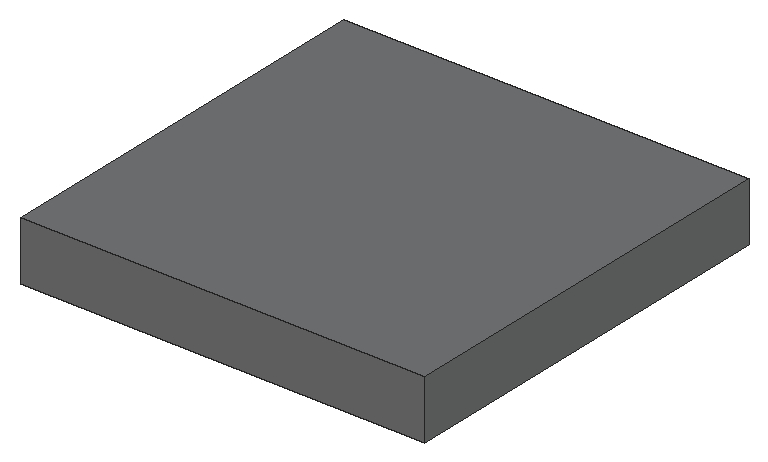
Revit family "Gira_0869600", category Electrical Fixtures, host Face, Revit 2017
Family settings
  Host = Face
  Maintain Annotation Orientation = No
  Round Connector Dimension = Use Diameter
  Part Type = Normal
  Cut with Voids When Loaded = No
  Shared = No
  Room Calculation Point = No
Parameters (values of type "Abd. Koaxial-Antennensteckd. System 55 Edelstahl")
  Zusammenstellung = "Zentralplatte"
  Werkstoffgüte = "sonstige"
  Werkstoff = "Kunststoff"
  URL = "http://katalog.gira.de/de_DE/datenblatt.html?artikelnr=0869600"
  Transparent = "No"
  Tragring = "No"
  Region = "DE"
  Oberfläche = "sonstige"
  Name = "Abd. Koaxial-Antennensteckd. System 55 Edelstahl"
  Montageart = "unter Putz"
  Mit Zugentlastung = "No"
  Mit Staubschutz = "No"
  Mit Klappdeckel = "No"
  Mit Aufdruck = "No"
  Manufacturer URL = "https://www.gira.de/"
  Lüsterklemme = "No"
  Keynote = "Sys55_Abdeckung_Schalten und Tasten"
  HeinzeBIM = "https://bimportal.heinze.de/bim/abd-koaxial-antennensteckd-system-55-edelstahl/adf9e9d590046da251c875335c3c99899bee09f2"
  Halogenfrei = "Yes"
  HAN = "0869600"
  Geeignet für Schutzart (IP) = "IP20"
  GTIN = "4010337021605"
  Farbe = "edelstahl"
  Default Elevation = 1219.2 mm
  Data sheet (1) = "https://katalog.gira.de/de_DE/download.html?artikelnr=0869600"
  Category = "Einsatz/Abdeckung für Kommunikationstechnik"
  Beschriftungsfeld = "ohne Beschriftungsfeld"
  Befestigungsart = "Befestigung mit Schraube"
  Available = "Yes"
  Ausführung der Oberfläche = "nicht zutreffend"
  Anthrazit [instance] = Anthrazit
Reference planes
  plane 1 "Center (Front/Back)": y = 0
  plane 2: z = 0
  plane 3 "Center (Left/Right)": x = 0
Forms (mm)
  Extrusion 1, solid, material "Anthrazit" <- "Anthrazit", detail levels fine
    sketch origin (0, 0, 0) x (1, 0, 0) y (0, 1, 0)
      loop
        line (-27.5, 27.5) -> (-27.5, -27.5) -> (27.5, -27.5) -> (27.5, 27.5) -> (-27.5, 27.5)
    from 0 to 8
  Extrusion 2, void
    sketch origin (0, 0, 0) x (1, 0, 0) y (0, 1, 0)
      loop
        line (26, 26) -> (-26, 26) -> (-26, -26) -> (26, -26) -> (26, 26)
    from 0 to 6
  Extrusion 3, solid, material "Anthrazit" <- "Anthrazit", detail levels medium
    sketch origin (0, 0, 0) x (1, 0, 0) y (0, 1, 0)
      loop
        line (-27.5, 27.5) -> (-27.5, -27.5) -> (27.5, -27.5) -> (27.5, 27.5) -> (-27.5, 27.5)
    from 0 to 8
  Extrusion 4, solid, material "Anthrazit" <- "Anthrazit", detail levels medium
    sketch origin (0, 0, 0) x (1, 0, 0) y (0, 1, 0)
      loop
        line (11, -17.5) -> (11, 17.5) -> (-11, 17.5) -> (-11, -17.5) -> (11, -17.5)
    from -6 to 6
  Extrusion 5, solid, material "Anthrazit" <- "Anthrazit", detail levels fine
    sketch origin (0, 0, 0) x (1, 0, 0) y (0, 1, 0)
      loop
        line (11, 17.5) -> (-11, 17.5) -> (-11, 16.5) -> (11, 16.5) -> (11, 17.5)
      loop
        line (-11, -16.5) -> (-11, -17.5) -> (11, -17.5) -> (11, -16.5) -> (-11, -16.5)
    from -4 to 6
  Extrusion 6, solid, material "Anthrazit" <- "Anthrazit", detail levels fine
    sketch origin (0, 0, 0) x (1, 0, 0) y (0, 1, 0)
      loop
        arc (5, 9.347) -> (0, 10.6) -> (-5, 9.347) r 10.6
        line (-5, 9.347) -> (-5, -9.347)
        arc (-5, -9.347) -> (0, -10.6) -> (5, -9.347) r 10.6
        line (5, -9.347) -> (5, 9.347)
    from -6 to 6
  Extrusion 7, solid, material "Anthrazit" <- "Anthrazit", detail levels coarse
    sketch origin (0, 0, 0) x (1, 0, 0) y (0, 1, 0)
      loop
        line (-27.5, 27.5) -> (-27.5, -27.5) -> (27.5, -27.5) -> (27.5, 27.5) -> (-27.5, 27.5)
    from -6 to 8
Cuts and joins
  Extrusion 2 cuts Extrusion 1
Dimensions and locks
  aligned and locked: plane 2 to host face
  aligned and locked: level to host face
